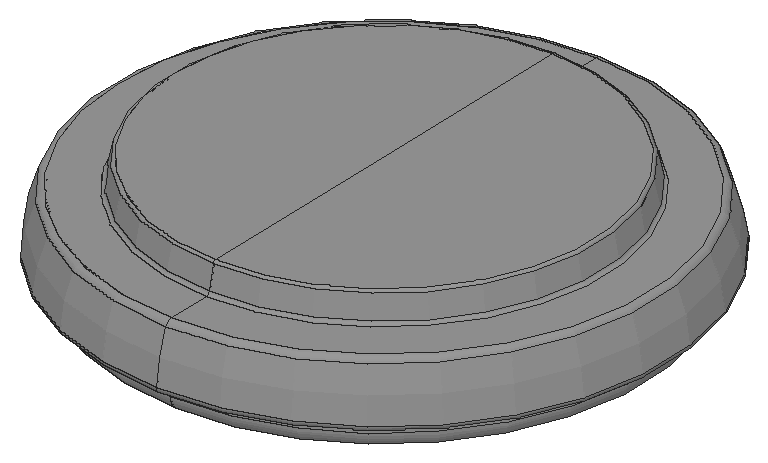
Revit family "FMK11_63_UN_Surface-mounted_ETK", category Lighting Fixtures, Revit 2017 (continued)
Definition of nested family "FMK.1 - Lightsource"
  Types (13, lengths in mm): name | Wattage Comments | Photometric Web File | built-in parameter 1150142 | Apparent Load
    FMK.1229.10 - Ø300x40 / 18W | "18W" | "FMK.1229.10.ies" | "IESNA:LM-63-2002\r\n[TEST] /2014\r\n[TESTLAB] ies2eulumdat.appspot.com\r\n[ISSUEDATE] 2021-06-16T09:02:18.810\r\n[MANUFAC] www.etk.nl\r\n[LUMCAT] FMK.1209.10\r\n[LUMINAIRE] FMK.1 LED 18W 3000/4000/5700K ø300 niet dimbaar\r\n[LAMPCAT] LED\r\n[LAMP] LED\r\nTILT=NONE\r\n1\t1710\t1\t46\t180\t1\t2\t-0.300\t-0.300\t0\r\n1.0\t1.0\t18.30\r\n0\t 2\t 4\t 6\t 8\t 10\t 12\t 14\t 16\t 18\r\n20\t 22\t 24\t 26\t 28\t 30\t 32\t 34\t 36\t 38\r\n40\t 42\t 44\t 46\t 48\t 50\t 52\t 54\t 56\t 58\r\n60\t 62\t 64\t 66\t 68\t 70\t 72\t 74\t 76\t 78\r\n80\t 82\t 84\t 86\t 88\t 90\r\n0\t 2\t 4\t 6\t 8\t 10\t 12\t 14\t 16\t 18\r\n20\t 22\t 24\t 26\t 28\t 30\t 32\t 34\t 36\t 38\r\n40\t 42\t 44\t 46\t 48\t 50\t 52\t 54\t 56\t 58\r\n60\t 62\t 64\t 66\t 68\t 70\t 72\t 74\t 76\t 78\r\n80\t 82\t 84\t 86\t 88\t 90\t 92\t 94\t 96\t 98\r\n100\t 102\t 104\t 106\t 108\t 110\t 112\t 114\t 116\t 118\r\n120\t 122\t 124\t 126\t 128\t 130\t 132\t 134\t 136\t 138\r\n140\t 142\t 144\t 146\t 148\t 150\t 152\t 154\t 156\t 158\r\n160\t 162\t 164\t 166\t 168\t 170\t 172\t 174\t 176\t 178\r\n180\t 182\t 184\t 186\t 188\t 190\t 192\t 194\t 196\t 198\r\n200\t 202\t 204\t 206\t 208\t 210\t 212\t 214\t 216\t 218\r\n220\t 222\t 224\t 226\t 228\t 230\t 232\t 234\t 236\t 238\r\n240\t 242\t 244\t 246\t 248\t 250\t 252\t 254\t 256\t 258\r\n260\t 262\t 264\t 266\t 268\t 270\t 272\t 274\t 276\t 278\r\n280\t 282\t 284\t 286\t 288\t 290\t 292\t 294\t 296\t 298\r\n300\t 302\t 304\t 306\t 308\t 310\t 312\t 314\t 316\t 318\r\n320\t 322\t 324\t 326\t 328\t 330\t 332\t 334\t 336\t 338\r\n340\t 342\t 344\t 346\t 348\t 350\t 352\t 354\t 356\t 358\r\n\r\n604.9325\t603.2919\t601.6514\t598.9367\t595.1481\t591.3474\t584.4074\t577.4673\t570.5271\t563.5989\r\n556.6589\t546.0716\t535.4844\t524.9091\t514.322\t503.7347\t489.8782\t476.0098\t462.1414\t448.2731\r\n434.4164\t417.5148\t400.6012\t383.6995\t366.7979\t349.8961\t330.7164\t311.5251\t292.3454\t273.1539\r\n253.9742\t234.7827\t215.6031\t196.4116\t177.2319\t158.0404\t0\t0\t0\t0\r\n0\t0\t0\t0\t0\t0\r\n604.9325\t603.303\t601.6736\t598.9672\t595.1776\t591.371\t584.4474\t577.518\t570.5942\t563.6772\r\n556.7804\t546.2089\t535.6382\t525.0562\t514.4711\t503.9096\t490.0793\t476.249\t462.4177\t448.5869\r\n434.7567\t417.8553\t400.9346\t384.014\t367.0954\t350.1887\t331.0138\t311.8383\t292.6629\t273.4839\r\n254.309\t235.1337\t215.9576\t196.7709\t177.5953\t158.8079\t0.4083\t0\t0\t0\r\n0\t0\t0\t0\t0\t0\r\n604.9325\t603.316\t601.6989\t599.0015\t595.1958\t591.3698\t584.4843\t577.5711\t570.6711\t563.7586\r\n556.8947\t546.3551\t535.7596\t525.1644\t514.5799\t504.0319\t490.2428\t476.4007\t462.5425\t448.6943\r\n434.9048\t418.0625\t401.1696\t384.2789\t367.3894\t350.5392\t331.4019\t312.225\t293.0468\t273.8823\r\n254.7052\t235.5402\t216.3663\t197.1991\t178.024\t160.3893\t1.6616\t0\t0\t0\r\n0\t0\t0\t0\t0\t0\r\n604.9325\t603.3306\t601.7275\t599.0433\t595.2312\t591.4156\t584.5657\t577.6625\t570.7544\t563.8431\r\n557.0019\t546.5201\t535.9272\t525.353\t514.7657\t504.264\t490.5226\t476.6557\t462.7667\t448.8924\r\n435.124\t418.3554\t401.4707\t384.5722\t367.6697\t350.8303\t331.7467\t312.5747\t293.4071\t274.2312\r\n255.0699\t235.9111\t216.7553\t197.6045\t178.4467\t162.6446\t3.8393\t0\t0\t0\r\n0\t0\t0\t0\t0\t0\r\n604.9325\t603.3467\t601.7784\t599.0852\t595.2744\t591.4839\t584.6789\t577.7818\t570.8609\t563.9373\r\n557.1543\t546.7354\t536.1372\t525.529\t514.8988\t504.4471\t490.789\t476.9063\t463.0292\t449.1418\r\n435.4474\t418.7539\t401.8361\t384.8952\t367.9622\t351.1523\t332.1531\t312.9933\t293.8363\t274.6741\r\n255.5041\t236.3482\t217.1967\t198.0491\t178.904\t165.4825\t7.0717\t0\t0\t0\r\n0\t0\t0\t0\t0\t0\r\n604.9325\t603.3646\t601.8109\t599.1301\t595.3254\t591.5822\t584.8149\t577.9154\t571.003\t564.0375\r\n557.2822\t546.9546\t536.3271\t525.6894\t515.0537\t504.6554\t491.1358\t477.2379\t463.3307\t449.4155\r\n435.7478\t419.1745\t402.2081\t385.2544\t368.2909\t351.5211\t332.6242\t313.4509\t294.2734\t275.1156\r\n255.9625\t236.8063\t217.6543\t198.5095\t179.3715\t168.6886\t11.5411\t0\t0\t0\r\n0\t0\t0\t0\t0\t0\r\n604.9325\t603.3841\t601.8434\t599.178\t595.3834\t591.6781\t584.976\t578.0752\t571.1133\t564.0963\r\n557.383\t547.1909\t536.5313\t525.8766\t515.2136\t504.8691\t491.4968\t477.5392\t463.5748\t449.6118\r\n435.9498\t419.5755\t402.6015\t385.6298\t368.6616\t351.9183\t333.1605\t313.9425\t294.7654\t275.5923\r\n256.4278\t237.2774\t218.1312\t198.9956\t179.8672\t172.0139\t17.4822\t0\t0\t0\r\n0\t0\t0\t0\t0\t0\r\n604.9325\t603.4053\t601.8759\t599.2285\t595.4497\t591.7812\t585.1731\t578.2085\t571.1927\t564.1664\r\n557.4629\t547.4497\t536.7769\t526.0887\t515.3685\t505.002\t491.8629\t477.8739\t463.8657\t449.8384\r\n436.2083\t420.1244\t403.1335\t386.0845\t369.0368\t352.2643\t333.7051\t314.4923\t295.2823\t276.0978\r\n256.9176\t237.7601\t218.6225\t199.4936\t180.379\t175.1597\t25.1927\t0\t0\t0\r\n0\t0\t0\t0\t0\t0\r\n604.9325\t603.4593\t601.9085\t599.2738\t595.5244\t591.9079\t585.3373\t578.316\t571.3136\t564.2514\r\n557.5412\t547.753\t537.0529\t526.317\t515.5469\t505.1567\t492.6884\t478.2212\t464.1752\t450.1642\r\n436.1336\t421.0943\t403.6156\t386.5209\t369.432\t352.3337\t334.5504\t315.0513\t295.836\t276.637\r\n257.4544\t238.29\t219.1493\t200.0199\t180.9108\t177.7292\t35.0259\t0\t0\t0\r\n0\t0\t0\t0\t0\t0\r\n604.9325\t603.4826\t601.941\t599.3319\t595.6075\t591.9952\t585.4602\t578.4838\t571.4702\t564.333\r\n557.6055\t548.1073\t537.3696\t526.5928\t515.7384\t504.8144\t493.0694\t478.6336\t464.5307\t450.3943\r\n436.2933\t421.64\t404.1436\t386.9492\t369.8193\t352.7072\t335.1677\t315.6771\t296.4365\t277.212\r\n258.007\t238.8258\t219.6743\t200.5397\t181.4425\t179.2574\t47.3991\t0\t0\t0\r\n0\t0\t0\t0\t0\t0\r\n604.9325\t603.5064\t601.9734\t599.3945\t595.7161\t592.0648\t585.6584\t578.7119\t571.6053\t564.412\r\n557.2136\t548.9435\t537.7363\t526.8513\t515.8959\t504.8997\t493.4258\t478.9823\t464.8596\t450.6873\r\n436.4267\t422.0138\t404.7199\t387.5204\t370.3217\t353.0976\t335.7436\t316.324\t297.0385\t277.7912\r\n258.567\t239.3682\t220.2087\t201.0815\t181.9832\t162.9148\t98.4026\t0\t0\t0\r\n0\t0\t0\t0\t0\t0\r\n604.9325\t603.5306\t602.0055\t599.4612\t595.8018\t592.0844\t585.9012\t578.9142\t571.7274\t564.5615\r\n557.281\t549.3317\t538.103\t527.1296\t516.0869\t504.9399\t493.7098\t479.4734\t465.2005\t450.9492\r\n436.7405\t422.5771\t405.4099\t388.0744\t370.7796\t353.4924\t336.2684\t316.9931\t297.6847\t278.4178\r\n259.1782\t239.9648\t220.7735\t201.6345\t182.5343\t163.481\t113.7595\t0\t0\t0\r\n0\t0\t0\t0\t0\t0\r\n604.9325\t603.5554\t602.0217\t599.532\t595.8866\t592.1561\t586.588\t579.0795\t571.9261\t564.708\r\n557.356\t549.6474\t538.4927\t527.425\t516.249\t505.0832\t494.0234\t479.9866\t465.7575\t451.3805\r\n437.0064\t422.8844\t406.0364\t388.6721\t371.3233\t353.9575\t336.8059\t317.7551\t298.3731\t279.0511\r\n259.7888\t240.5534\t221.3703\t202.2241\t183.1196\t164.0583\t128.3143\t0\t0\t0\r\n0\t0\t0\t0\t0\t0\r\n604.9325\t603.5809\t602.0558\t599.618\t595.9723\t592.2358\t586.8402\t579.3172\t572.1843\t564.8477\r\n557.415\t549.9086\t538.9015\t527.7199\t516.5471\t505.2607\t494.2777\t480.6872\t466.1976\t451.7399\r\n437.252\t422.7612\t407.2466\t389.4272\t371.966\t354.4582\t337.2243\t318.5243\t299.1108\t279.742\r\n260.4244\t241.1781\t221.9657\t202.8103\t183.7099\t164.6491\t141.3505\t0\t0\t0\r\n0\t0\t0\t0\t0\t0\r\n604.9325\t603.6071\t602.0912\t599.6912\t596.0451\t591.9798\t587.0148\t579.6483\t572.4109\t565.0026\r\n557.4889\t550.099\t539.3311\t528.166\t516.8776\t505.53\t494.0643\t481.5955\t466.7489\t452.2129\r\n437.6254\t423.0444\t408.0517\t390.1803\t372.5893\t355.0126\t337.4403\t319.5246\t299.8803\t280.4737\r\n261.1232\t241.8179\t222.5739\t203.4066\t184.3006\t165.2486\t152.0665\t0\t0\t0\r\n0\t0\t0\t0\t0\t0\r\n604.9325\t603.6338\t602.1279\t599.7642\t596.2915\t592.06\t587.2479\t579.9651\t572.6275\t565.1743\r\n557.5912\t550.1482\t539.9086\t528.6542\t517.2707\t505.7657\t494.0884\t482.1911\t467.4123\t452.7044\r\n438.0073\t423.2908\t408.632\t391.0308\t373.3713\t355.5458\t337.8389\t320.2515\t300.7003\t281.2121\r\n261.8325\t242.4922\t223.2123\t204.0069\t184.8961\t165.8551\t159.6039\t13.1538\t0\t0\r\n0\t0\t0\t0\t0\t0\r\n604.9325\t603.6611\t602.1659\t599.8376\t596.4054\t592.1391\t587.4977\t580.2805\t572.8868\t565.3787\r\n557.6678\t549.7361\t540.9527\t529.1771\t517.6731\t506.0008\t494.2758\t482.6381\t468.0299\t453.2316\r\n438.4194\t423.5879\t409.1603\t391.9077\t373.8445\t355.9972\t338.2732\t320.7969\t301.5855\t282.0214\r\n262.5566\t243.1786\t223.8823\t204.6641\t185.522\t166.4516\t162.8905\t31.8043\t0\t0\r\n0\t0\t0\t0\t0\t0\r\n604.9325\t603.6892\t602.2049\t599.908\t596.5241\t592.1992\t587.8004\t580.5758\t573.1764\t565.6227\r\n557.7326\t549.8042\t541.4288\t529.7323\t518.1144\t506.3438\t494.4987\t482.7908\t468.7329\t453.8508\r\n438.9175\t423.9507\t408.6493\t392.7359\t374.5174\t356.6496\t338.8317\t321.0335\t302.7194\t282.8805\r\n263.3626\t243.9028\t224.5481\t205.3141\t186.1662\t167.0952\t148.1118\t88.6377\t0\t0\r\n0\t0\t0\t0\t0\t0\r\n604.9325\t603.7179\t602.2449\t599.981\t596.652\t592.2995\t588.0109\t580.9296\t573.5102\t565.8506\r\n557.9219\t549.8881\t541.7121\t530.3743\t518.611\t506.7558\t494.6717\t482.47\t469.828\t454.5537\r\n439.4245\t424.0109\t408.6349\t393.3735\t375.3775\t357.3866\t339.435\t321.5173\t303.5607\t283.7689\r\n264.1651\t244.6733\t225.2874\t205.9828\t186.7886\t167.711\t148.7442\t112.1139\t0\t0\r\n0\t0\t0\t0\t0\t0\r\n604.9325\t603.7473\t602.2856\t600.0568\t596.7719\t592.4179\t588.1719\t581.3183\t573.9078\t566.0743\r\n558.1389\t549.9635\t541.9262\t531.0335\t519.2162\t507.1698\t494.9265\t482.6333\t470.329\t455.2483\r\n439.8147\t424.3822\t408.9232\t393.7403\t376.3501\t358.2294\t340.1252\t322.0395\t304.2025\t284.7408\r\n265.0668\t245.4539\t225.9736\t206.6463\t187.4435\t168.3603\t149.3849\t130.4101\t0\t0\r\n0\t0\t0\t0\t0\t0\r\n604.9325\t603.7776\t602.3343\t600.133\t596.8924\t592.5514\t588.2573\t582.1028\t574.2915\t566.3966\r\n558.3966\t550.0391\t541.4961\t532.1224\t519.854\t507.633\t495.3114\t482.8481\t470.4815\t456.3368\r\n440.5157\t424.9232\t409.2495\t393.6295\t377.6559\t359.1366\t340.8577\t322.656\t304.5206\t285.931\r\n265.9183\t246.2694\t226.7385\t207.3469\t188.0877\t168.9899\t150.0335\t142.1012\t0.9237\t0\r\n0\t0\t0\t0\t0\t0\r\n604.9325\t603.8087\t602.2411\t600.2093\t597.0138\t592.7089\t587.9814\t582.506\t574.6544\t566.7889\r\n558.6686\t550.1973\t541.4544\t532.5851\t520.5561\t508.2392\t495.7924\t483.0495\t470.1335\t457.1163\r\n441.3228\t425.5219\t409.7509\t393.9106\t378.232\t360.1469\t341.7391\t323.3504\t304.9773\t286.7673\r\n266.8982\t247.1147\t227.4881\t208.0586\t188.7792\t169.6606\t150.6879\t131.866\t21.4679\t0\r\n0\t0\t0\t0\t0\t0\r\n604.9325\t603.8407\t602.2844\t600.2854\t597.1426\t592.8591\t588.0729\t582.907\t575.0998\t567.2089\r\n558.9621\t550.3823\t541.4848\t532.7997\t521.7716\t508.9483\t496.2748\t483.3245\t470.3834\t457.4768\r\n442.2022\t426.336\t410.3521\t394.239\t378.1528\t361.5855\t342.6871\t324.0744\t305.6064\t287.3619\r\n267.8645\t248.0216\t228.3498\t208.8257\t189.4682\t170.3025\t151.3323\t132.5387\t80.029\t0\r\n0\t0\t0\t0\t0\t0\r\n604.9325\t603.8733\t602.3299\t600.3607\t597.2661\t593.1545\t588.1843\t583.2018\t575.6055\t567.6783\r\n559.3106\t550.6007\t541.5686\t532.3163\t522.4808\t509.7479\t496.8485\t483.8597\t470.6669\t457.2136\r\n443.4699\t427.2526\t410.9944\t394.713\t378.4457\t362.2796\t343.7493\t325.0072\t306.2591\t287.6577\r\n269.0839\t249.009\t229.1809\t209.5733\t190.2093\t170.9954\t151.9889\t133.1871\t107.1195\t0\r\n0\t0\t0\t0\t0\t0\r\n604.9325\t603.907\t602.3776\t600.435\t597.3875\t593.3208\t588.3223\t583.4193\t576.5313\t568.1743\r\n559.709\t550.8685\t541.7588\t532.2517\t522.878\t510.5737\t497.5582\t484.484\t471.0737\t457.3263\r\n443.9663\t428.2466\t411.8005\t395.3788\t378.7305\t362.2173\t345.2416\t325.9593\t307.1037\t288.3016\r\n269.7515\t250.003\t230.1332\t210.3898\t190.9169\t171.6613\t152.6389\t133.8373\t123.7799\t0\r\n0\t0\t0\t0\t0\t0\r\n604.9325\t603.9123\t602.428\t600.501\t597.5056\t593.4861\t588.4837\t583.5425\t577.0344\t568.7101\r\n560.1512\t551.1686\t541.9813\t532.3519\t522.4772\t511.7762\t498.5257\t485.22\t471.4735\t457.7046\r\n443.7031\t429.415\t412.8677\t396.0261\t379.2618\t362.4764\t345.8916\t327.1753\t308.035\t288.9915\r\n270.1463\t251.2322\t231.0663\t211.2373\t191.6472\t172.3408\t153.2921\t134.4874\t115.9236\t9.2138\r\n0\t0\t0\t0\t0\t0\r\n604.9325\t603.9481\t602.4812\t600.5742\t597.6202\t593.653\t588.668\t583.3077\t577.4581\t569.2983\r\n560.6533\t551.5767\t542.2042\t532.5113\t522.3616\t512.2177\t499.5876\t486.0776\t472.1462\t458.1519\r\n443.8695\t429.876\t414.2071\t396.917\t379.9187\t362.8675\t345.8321\t328.6051\t309.1102\t289.916\r\n270.7523\t251.9617\t232.0644\t212.1103\t192.4343\t173.0323\t153.9173\t135.1018\t116.562\t65.7955\r\n0\t0\t0\t0\t0\t0\r\n604.9325\t603.9852\t602.5371\t600.6467\t597.73\t593.8172\t588.8736\t583.4583\t577.7772\t570.2819\r\n561.2111\t552.1325\t542.5577\t532.7343\t522.3727\t511.8663\t500.9199\t486.9213\t472.9747\t458.7217\r\n444.2496\t429.5691\t414.7964\t398.0122\t380.7816\t363.4509\t346.0825\t328.8111\t310.4213\t290.8883\r\n271.5384\t252.3269\t233.2419\t213.0364\t193.2161\t173.736\t154.5864\t135.7567\t117.2044\t96.1475\r\n0\t0\t0\t0\t0\t0\r\n604.9325\t604.0236\t602.596\t600.7186\t597.8194\t593.9774\t589.2292\t583.6201\t577.9865\t570.7992\r\n561.8256\t552.71\t543.0652\t533.0169\t522.502\t511.8678\t501.241\t488.4687\t473.9436\t459.4936\r\n444.832\t429.7247\t414.7044\t399.4139\t381.8032\t364.1979\t346.6042\t329.0336\t311.6354\t292.1036\r\n272.4601\t253.0354\t233.7628\t214.0337\t194.1035\t174.5269\t155.255\t136.3516\t117.8305\t109.9048\r\n0\t0\t0\t0\t0\t0\r\n604.9325\t604.0637\t602.658\t600.789\t597.9215\t594.1325\t589.4529\t583.8272\t577.7627\t571.1951\r\n562.8118\t553.2917\t543.6239\t533.3822\t522.7915\t511.9619\t500.5541\t489.0998\t475.0948\t460.4654\r\n445.4767\t430.3017\t414.8994\t399.3696\t383.2919\t365.1943\t347.3191\t329.4129\t311.6006\t293.6303\r\n273.6308\t253.85\t234.3543\t215.1938\t195.0532\t175.2777\t155.9455\t136.9913\t118.4168\t100.2246\r\n10.9351\t0\t0\t0\t0\t0\r\n604.9325\t604.1049\t602.7234\t600.8579\t598.021\t594.2782\t589.6773\t584.0732\t577.9255\t571.4711\r\n563.458\t554.0039\t544.2463\t533.8777\t523.2306\t512.1995\t500.5102\t488.6583\t476.4436\t461.6248\r\n446.3237\t431.0595\t415.3954\t399.5376\t383.6965\t366.7259\t348.2364\t330.1152\t311.8732\t293.8363\r\n275.1387\t254.8952\t235.1611\t215.6652\t196.0554\t176.1444\t156.6456\t137.594\t119.0254\t100.8532\r\n68.8785\t0\t0\t0\t0\t0\r\n604.9325\t604.3797\t602.795\t600.7955\t598.1176\t594.4184\t589.9421\t584.4807\t578.1293\t571.2717\r\n564.0225\t555.1365\t544.9684\t534.4889\t523.7521\t512.5133\t500.6805\t488.5879\t476.1182\t463.0735\r\n447.6366\t431.9684\t416.1152\t399.9456\t383.6989\t367.3767\t349.5599\t330.9731\t312.5046\t294.0321\r\n275.9095\t256.218\t236.1048\t216.3684\t197.0093\t177.0397\t157.4158\t138.2701\t119.6169\t101.4035\r\n91.2126\t0\t0\t0\t0\t0\r\n604.9325\t604.4205\t602.8672\t600.8728\t598.211\t594.5549\t590.1569\t584.7672\t578.3807\t571.4627\r\n564.3113\t555.8405\t545.7988\t535.2615\t524.3877\t512.92\t501.0143\t488.7096\t476.0305\t462.7583\r\n449.2912\t433.217\t417.0958\t400.713\t384.1708\t367.2088\t350.6545\t332.2272\t313.392\t294.5441\r\n275.8683\t257.4578\t237.4149\t217.2362\t197.4869\t178.1427\t158.2694\t138.9226\t120.2106\t101.9885\r\n84.2445\t0\t0\t0\t0\t0\r\n604.9325\t604.4609\t602.9426\t600.9571\t598.301\t594.685\t590.3595\t585.0141\t578.795\t571.7158\r\n564.1432\t556.2603\t546.8908\t536.205\t525.1774\t513.5407\t501.5676\t489.0287\t476.1442\t462.6532\r\n448.9921\t434.8922\t418.416\t401.8982\t384.7929\t367.6136\t350.3325\t333.3151\t314.6323\t295.4577\r\n276.336\t257.5068\t238.7779\t218.4036\t198.3424\t178.728\t159.174\t139.7342\t120.8004\t102.4847\r\n84.7775\t45.5539\t0\t0\t0\t0\r\n604.9325\t604.5006\t603.0216\t601.0606\t598.3865\t594.8079\t590.54\t585.2417\t579.0807\t572.1467\r\n564.4011\t556.1409\t547.4037\t537.4374\t526.1369\t514.3405\t502.2658\t489.5783\t476.4823\t462.9105\r\n448.8591\t434.6232\t420.0685\t403.4046\t385.7751\t368.4205\t350.8718\t333.1656\t315.607\t296.8929\r\n277.2305\t257.8752\t238.7581\t219.918\t199.4756\t179.4703\t160.1376\t140.5119\t121.4449\t103.0157\r\n85.2703\t74.215\t0\t0\t0\t0\r\n604.9325\t604.5394\t603.1042\t601.1584\t598.3492\t594.9234\t590.7019\t585.451\t579.3531\t572.4943\r\n564.7651\t556.3877\t547.3688\t538.0224\t527.3866\t515.3535\t503.115\t490.3931\t476.9994\t463.303\r\n449.0547\t434.4994\t419.6921\t404.5604\t387.5106\t369.5539\t351.7313\t333.6797\t315.5431\t297.2741\r\n278.797\t258.7661\t239.2377\t219.9717\t200.9556\t180.5254\t160.6648\t141.5044\t122.1648\t103.5896\r\n85.7592\t68.6221\t0\t0\t0\t0\r\n604.9325\t604.5773\t603.1902\t601.2632\t598.4516\t595.0092\t590.8464\t585.643\t579.6101\t572.8202\r\n565.325\t556.7647\t547.6995\t538.0024\t527.9437\t516.6478\t504.4938\t491.4266\t477.8344\t463.9221\r\n449.6332\t434.78\t419.7115\t403.8594\t387.7921\t371.4508\t353.0947\t334.6903\t316.1395\t297.631\r\n278.8793\t260.2808\t240.1353\t220.3427\t201.0312\t181.9801\t161.6499\t142.0644\t123.0333\t104.2161\r\n86.2409\t69.0879\t15.2173\t0\t0\t0\r\n604.9325\t604.6141\t603.2798\t601.3757\t598.5679\t594.9853\t590.9493\t585.8192\t579.8489\t573.1198\r\n565.7109\t557.3403\t548.3007\t538.393\t527.9435\t517.2634\t505.3927\t492.933\t478.9816\t464.8927\r\n450.474\t435.4187\t420.1142\t403.9636\t387.6809\t371.1777\t354.5307\t336.6039\t317.3934\t298.4472\r\n279.3102\t260.28\t241.3379\t221.3309\t201.4226\t182.0109\t163.0786\t142.9823\t123.7395\t104.974\r\n86.81\t69.5539\t58.969\t0\t0\t0\r\n604.9325\t604.6498\t603.6043\t601.4957\t598.6984\t595.1135\t590.9331\t585.9739\t580.0893\t573.3916\r\n566.0512\t557.7504\t548.7954\t539.0648\t528.4009\t517.3472\t505.5605\t493.6743\t480.4541\t466.4352\r\n451.5987\t436.4298\t420.8587\t404.6187\t388.0855\t371.2381\t354.0167\t336.6193\t319.1551\t299.9255\r\n280.4523\t260.8892\t241.3921\t222.136\t202.5984\t182.4131\t163.0718\t144.3638\t124.5764\t105.7842\r\n87.4272\t70.0349\t53.7077\t0\t0\t0\r\n604.9325\t604.6844\t603.6946\t601.6237\t598.8432\t595.2649\t591.0743\t585.9936\t580.2878\t573.6051\r\n566.3212\t558.1173\t549.2219\t539.5715\t529.1248\t518.0448\t506.0844\t493.7649\t480.7344\t467.3507\r\n453.0676\t438.029\t422.0569\t405.7673\t388.9954\t371.8917\t354.386\t336.673\t318.7419\t300.4149\r\n282.1798\t262.3184\t242.4052\t222.5131\t202.8279\t183.5184\t163.5632\t144.2653\t1
